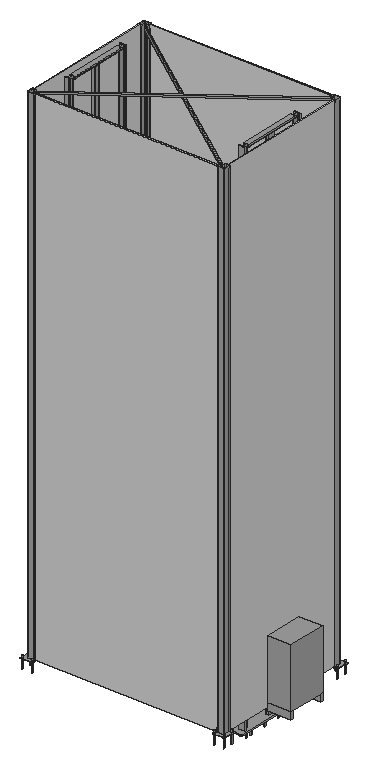
Revit family "1SE_Trez_TC_2C_T_3000_With_Pit", category Specialty Equipment, Revit 2019
Family settings
  Round Connector Dimension = Use Diameter
  Part Type = Normal
  Work Plane-Based = No
  Always vertical = Yes
  Cut with Voids When Loaded = Yes
  Shared = No
  Room Calculation Point = No
Parameters (values of type "Platform-2000x2000mm with Door Height 2500mm")
  Safe Working Load = 3000.00 kg  # constant formula
  Safe Space = if(Cabin or Platform = Cabin, 900.0 mm, if(and(Cabin or Platform = Platform, Door Clear Height > 1900.0 mm), 600.0 mm, 0.0 mm))  # 600.0 mm
  Platform = Speciality_Equipment_Trez_Platform : Platform
  Door Clear Width = Clear Width  # 2000.0 mm
  Door Clear Height = 2500.0 mm
  Clear Width = 2000.0 mm
  URL = "https://trez.bg/en/products/goods-only-lift-tc/tc-2ct-two-cylinders-and-tower/"
  Tower Width = Real Width + 2 * Clearance  # 2950.0 mm
  Tower Depth = Real Depth + 180.0 mm  # 2180.0 mm
  Tower Cladding Material = TREZ_Steel_Cladding
  Real Width = if(Clear Width < 1300.0 mm, 1300.0 mm, if(Clear Width > 2000.0 mm, 2000.0 mm, Clear Width))  # 2000.0 mm
  Real Depth = if(Clear Depth < 1300.0 mm, 1300.0 mm, if(Clear Depth > 2000.0 mm, 2000.0 mm, Clear Depth))  # 2000.0 mm
  Profiles Material = TREZ_Steel_Profiles
  Platform Material = TREZ_Steel_Platform
  Pit Height = 250.0 mm  # constant formula
  Travel = 4500.0 mm
  Rail Height = Travel + Pit Height + Headroom  # 7850.0 mm
  Model = "TC 2C T 3000"
  Manufacturer = "TREZ Ltd."
  Headroom = Door Clear Height + Safe Space  # 3100.0 mm
  Description = "Trez Compact 2 Cylinders Tower. Goods only lift."  # constant formula
  Clear Depth = 2000.0 mm
  Created By URL = "https://all1studio.com/"
  Created By = "All 1 Studio Ltd."
  Clearance = 475.0 mm  # constant formula
  Cabin or Platform Back = yes
  Cabin or Platform = Speciality_Equipment_Trez_Platform : Platform
  Cabin = Speciality_Equipment_Trez_Cabin : Cabin
Reference planes
  plane 1 "Center (Front/Back)": y = 0
  plane 2: z = 0
  plane 3 "Center (Left/Right)": x = 0
  plane 4: x = -1000
  plane 5: x = 1000
  plane 6: y = 1000
  plane 7: y = -1000
  plane 8: x = 1475
  plane 9: y = 1110
  plane 10: x = -1475
  plane 11: y = -1070
  plane 12: x = 1420
  plane 13: x = -1420
  plane 14: y = 1055
  plane 15: y = -1015
  plane 16: z = 4500
  plane 17 "Top of Lift": z = 7600
  plane 18 "Pit": z = -250
  plane 19: x = -1428.5
  plane 20: x = 1428.5
  plane 21: x = 1685
  plane 22: x = -1459.032
  plane 23: x = -1441.032
  plane 24: y = 1094
  plane 25: y = 1076
  plane 26: x = 1459
  plane 27: x = 1441
  plane 28: y = -1054
  plane 29: y = -1036
  plane 30: x = -1535
  plane 31: y = 1170
  plane 32: x = 1535
  plane 33: y = -1130
  plane 34: x = -1288.5
  plane 35: x = 1288.5
  plane 36: z = 7540
  plane 37: z = 40
  plane 38: z = -145
Forms (mm)
  Extrusion 1, solid, material "TREZ_Steel_Cladding" <- "Tower Cladding Material", detail levels coarse+medium
    sketch origin (0, 0, 0) x (1, 0, 0) y (0, 1, 0)
      loop
        line (-1475, 1110) -> (-1475, 1005) -> (-1459.032, 1005) -> (-1459.032, -965) -> (-1475, -965) -> (-1475, -1070) -> (-1370, -1070) -> (-1370, -1054) -> (1370, -1054) -> (1370, -1070) -> (1475, -1070) -> (1475, -965) -> (1459, -965) -> (1459, 1005) -> (1475, 1005) -> (1475, 1110) -> (1370, 1110) -> (1370, 1094) -> (-1370, 1094) -> (-1370, 1110) -> (-1475, 1110)
      loop
        line (-1420, 1055) -> (-1420, 1005) -> (-1441.032, 1005) -> (-1441.032, -965) -> (-1420, -965) -> (-1420, -1015) -> (-1370, -1015) -> (-1370, -1036) -> (1370, -1036) -> (1370, -1015) -> (1420, -1015) -> (1420, -965) -> (1441, -965) -> (1441, 1005) -> (1420, 1005) -> (1420, 1055) -> (1370, 1055) -> (1370, 1076) -> (-1370, 1076) -> (-1370, 1055) -> (-1420, 1055)
    from 0 to 7600
  Extrusion 2, void
    sketch origin (0, 0, 0) x (1, 0, 0) y (0, 1, 0)
      loop
        line (-1428.5, 1055) -> (-1428.5, -1015) -> (1428.5, -1015) -> (1428.5, 1055) -> (-1428.5, 1055)
    from 0 to -250
  Extrusion 3, solid, material "TREZ_Steel_Profiles" <- "Profiles Material", detail levels fine
    sketch origin (0, 0, 0) x (1, 0, 0) y (0, 1, 0)
      loop
        line (-1475, 1103) -> (-1475, 1012)
        arc (-1475, 1012) -> (-1472.95, 1007.05) -> (-1468, 1005) r 7
        line (-1468, 1005) -> (-1427, 1005)
        arc (-1427, 1005) -> (-1422.05, 1007.05) -> (-1420, 1012) r 7
        line (-1420, 1012) -> (-1420, 1048)
        arc (-1420, 1048) -> (-1417.95, 1052.95) -> (-1413, 1055) r 7
        line (-1413, 1055) -> (-1377, 1055)
        arc (-1377, 1055) -> (-1372.05, 1057.05) -> (-1370, 1062) r 7
        line (-1370, 1062) -> (-1370, 1103)
        arc (-1370, 1103) -> (-1372.05, 1107.95) -> (-1377, 1110) r 7
        line (-1377, 1110) -> (-1468, 1110)
        arc (-1468, 1110) -> (-1472.95, 1107.95) -> (-1475, 1103) r 7
      loop
        line (1468, 1110) -> (1377, 1110)
        arc (1377, 1110) -> (1372.05, 1107.95) -> (1370, 1103) r 7
        line (1370, 1103) -> (1370, 1062)
        arc (1370, 1062) -> (1372.05, 1057.05) -> (1377, 1055) r 7
        line (1377, 1055) -> (1413, 1055)
        arc (1413, 1055) -> (1417.95, 1052.95) -> (1420, 1048) r 7
        line (1420, 1048) -> (1420, 1012)
        arc (1420, 1012) -> (1422.05, 1007.05) -> (1427, 1005) r 7
        line (1427, 1005) -> (1468, 1005)
        arc (1468, 1005) -> (1472.95, 1007.05) -> (1475, 1012) r 7
        line (1475, 1012) -> (1475, 1103)
        arc (1475, 1103) -> (1472.95, 1107.95) -> (1468, 1110) r 7
      loop
        arc (-1475, -1063) -> (-1472.95, -1067.95) -> (-1468, -1070) r 7
        line (-1468, -1070) -> (-1377, -1070)
        arc (-1377, -1070) -> (-1372.05, -1067.95) -> (-1370, -1063) r 7
        line (-1370, -1063) -> (-1370, -1022)
        arc (-1370, -1022) -> (-1372.05, -1017.05) -> (-1377, -1015) r 7
        line (-1377, -1015) -> (-1413, -1015)
        arc (-1413, -1015) -> (-1417.95, -1012.95) -> (-1420, -1008) r 7
        line (-1420, -1008) -> (-1420, -972)
        arc (-1420, -972) -> (-1422.05, -967.05) -> (-1427, -965) r 7
        line (-1427, -965) -> (-1468, -965)
        arc (-1468, -965) -> (-1472.95, -967.05) -> (-1475, -972) r 7
        line (-1475, -972) -> (-1475, -1063)
      loop
        arc (1468, -1070) -> (1472.95, -1067.95) -> (1475, -1063) r 7
        line (1475, -1063) -> (1475, -972)
        arc (1475, -972) -> (1472.95, -967.05) -> (1468, -965) r 7
        line (1468, -965) -> (1427, -965)
        arc (1427, -965) -> (1422.05, -967.05) -> (1420, -972) r 7
        line (1420, -972) -> (1420, -1008)
        arc (1420, -1008) -> (1417.95, -1012.95) -> (1413, -1015) r 7
        line (1413, -1015) -> (1377, -1015)
        arc (1377, -1015) -> (1372.05, -1017.05) -> (1370, -1022) r 7
        line (1370, -1022) -> (1370, -1063)
        arc (1370, -1063) -> (1372.05, -1067.95) -> (1377, -1070) r 7
        line (1377, -1070) -> (1468, -1070)
      loop
        arc (-1373, 1103) -> (-1374.172, 1105.828) -> (-1377, 1107) r 4
        line (-1377, 1107) -> (-1468, 1107)
        arc (-1468, 1107) -> (-1470.828, 1105.828) -> (-1472, 1103) r 4
        line (-1472, 1103) -> (-1472, 1012)
        arc (-1472, 1012) -> (-1470.828, 1009.172) -> (-1468, 1008) r 4
        line (-1468, 1008) -> (-1427, 1008)
        arc (-1427, 1008) -> (-1424.172, 1009.172) -> (-1423, 1012) r 4
        line (-1423, 1012) -> (-1423, 1048)
        arc (-1423, 1048) -> (-1420.071, 1055.071) -> (-1413, 1058) r 10
        line (-1413, 1058) -> (-1377, 1058)
        arc (-1377, 1058) -> (-1374.172, 1059.172) -> (-1373, 1062) r 4
        line (-1373, 1062) -> (-1373, 1103)
      loop
        line (-1373, -1063) -> (-1373, -1022)
        arc (-1373, -1022) -> (-1374.172, -1019.172) -> (-1377, -1018) r 4
        line (-1377, -1018) -> (-1413, -1018)
        arc (-1413, -1018) -> (-1420.071, -1015.071) -> (-1423, -1008) r 10
        line (-1423, -1008) -> (-1423, -972)
        arc (-1423, -972) -> (-1424.172, -969.172) -> (-1427, -968) r 4
        line (-1427, -968) -> (-1468, -968)
        arc (-1468, -968) -> (-1470.828, -969.172) -> (-1472, -972) r 4
        line (-1472, -972) -> (-1472, -1063)
        arc (-1472, -1063) -> (-1470.828, -1065.828) -> (-1468, -1067) r 4
        line (-1468, -1067) -> (-1377, -1067)
        arc (-1377, -1067) -> (-1374.172, -1065.828) -> (-1373, -1063) r 4
      loop
        line (1472, -1063) -> (1472, -972)
        arc (1472, -972) -> (1470.828, -969.172) -> (1468, -968) r 4
        line (1468, -968) -> (1427, -968)
        arc (1427, -968) -> (1424.172, -969.172) -> (1423, -972) r 4
        line (1423, -972) -> (1423, -1008)
        arc (1423, -1008) -> (1420.071, -1015.071) -> (1413, -1018) r 10
        line (1413, -1018) -> (1377, -1018)
        arc (1377, -1018) -> (1374.172, -1019.172) -> (1373, -1022) r 4
        line (1373, -1022) -> (1373, -1063)
        arc (1373, -1063) -> (1374.172, -1065.828) -> (1377, -1067) r 4
        line (1377, -1067) -> (1468, -1067)
        arc (1468, -1067) -> (1470.828, -1065.828) -> (1472, -1063) r 4
      loop
        arc (1472, 1103) -> (1470.828, 1105.828) -> (1468, 1107) r 4
        line (1468, 1107) -> (1377, 1107)
        arc (1377, 1107) -> (1374.172, 1105.828) -> (1373, 1103) r 4
        line (1373, 1103) -> (1373, 1062)
        arc (1373, 1062) -> (1374.172, 1059.172) -> (1377, 1058) r 4
        line (1377, 1058) -> (1413, 1058)
        arc (1413, 1058) -> (1420.071, 1055.071) -> (1423, 1048) r 10
        line (1423, 1048) -> (1423, 1012)
        arc (1423, 1012) -> (1424.172, 1009.172) -> (1427, 1008) r 4
        line (1427, 1008) -> (1468, 1008)
        arc (1468, 1008) -> (1470.828, 1009.172) -> (1472, 1012) r 4
        line (1472, 1012) -> (1472, 1103)
    from 5 to 7600
  Extrusion 4, solid, material "TREZ_Steel_Cladding" <- "Tower Cladding Material", detail levels fine
    sketch origin (0, 0, 0) x (1, 0, 0) y (0, 1, 0)
      loop
        line (1459, 1005) -> (1441, 1005) -> (1441, -965) -> (1459, -965) -> (1459, 1005)
      loop
        line (1370, 1094) -> (-1370, 1094) -> (-1370, 1076) -> (1370, 1076) -> (1370, 1094)
      loop
        line (1370, -1036) -> (-1370, -1036) -> (-1370, -1054) -> (1370, -1054) -> (1370, -1036)
      loop
        line (-1441.032, -965) -> (-1441.032, 1005) -> (-1459.032, 1005) -> (-1459.032, -965) -> (-1441.032, -965)
    from 0 to 7600
  Extrusion 5, solid, material "TREZ_Steel_Profiles" <- "Profiles Material", detail levels fine
    sketch origin (0, 0, 0) x (1, 0, 0) y (0, 1, 0)
      loop
        arc (1357, 1170) -> (1352.05, 1167.95) -> (1350, 1163) r 7
        line (1350, 1163) -> (1350, 1110) -> (1370, 1110) -> (1370, 1055) -> (1420, 1055) -> (1420, 1005) -> (1475, 1005) -> (1475, 985) -> (1528, 985)
        arc (1528, 985) -> (1532.95, 987.05) -> (1535, 992) r 7
        line (1535, 992) -> (1535, 1163)
        arc (1535, 1163) -> (1532.95, 1167.95) -> (1528, 1170) r 7
        line (1528, 1170) -> (1357, 1170)
      loop
        line (-1357, 1170) -> (-1528, 1170)
        arc (-1528, 1170) -> (-1532.95, 1167.95) -> (-1535, 1163) r 7
        line (-1535, 1163) -> (-1535, 992)
        arc (-1535, 992) -> (-1532.95, 987.05) -> (-1528, 985) r 7
        line (-1528, 985) -> (-1475, 985) -> (-1475, 1005) -> (-1420, 1005) -> (-1420, 1055) -> (-1370, 1055) -> (-1370, 1110) -> (-1350, 1110) -> (-1350, 1163)
        arc (-1350, 1163) -> (-1352.05, 1167.95) -> (-1357, 1170) r 7
      loop
        line (1357, -1130) -> (1528, -1130)
        arc (1528, -1130) -> (1532.95, -1127.95) -> (1535, -1123) r 7
        line (1535, -1123) -> (1535, -952)
        arc (1535, -952) -> (1532.95, -947.05) -> (1528, -945) r 7
        line (1528, -945) -> (1475, -945) -> (1475, -965) -> (1420, -965) -> (1420, -1015) -> (1370, -1015) -> (1370, -1070) -> (1350, -1070) -> (1350, -1123)
        arc (1350, -1123) -> (1352.05, -1127.95) -> (1357, -1130) r 7
      loop
        arc (-1357, -1130) -> (-1352.05, -1127.95) -> (-1350, -1123) r 7
        line (-1350, -1123) -> (-1350, -1070) -> (-1370, -1070) -> (-1370, -1015) -> (-1420, -1015) -> (-1420, -965) -> (-1475, -965) -> (-1475, -945) -> (-1528, -945)
        arc (-1528, -945) -> (-1532.95, -947.05) -> (-1535, -952) r 7
        line (-1535, -952) -> (-1535, -1123)
        arc (-1535, -1123) -> (-1532.95, -1127.95) -> (-1528, -1130) r 7
        line (-1528, -1130) -> (-1357, -1130)
    from 5 to 0
  Sweep 6, solid, material "TREZ_Steel_Profiles" <- "Profiles Material", detail levels fine
    path origin (0, 0, 7600) x (-1, 0, 0) y (0, -1, 0)
      loop
        line (1420, 1015) -> (-1420, -1055)
    profile origin (0, 20, 7600) x (-0.589017, 0.80812, 0) y (0, 0, 1)
      loop
        line (15, 0) -> (-15, 0) -> (-15, -30) -> (15, -30) -> (15, 0)
  Sweep 7, solid, material "TREZ_Steel_Profiles" <- "Profiles Material", detail levels fine
    path origin (0, 0, 7600) x (-1, 0, 0) y (0, -1, 0)
      loop
        line (1420, -1055) -> (-1420, 1015)
    profile origin (0, 20, 7600) x (0.589017, 0.80812, 0) y (0, 0, 1)
      loop
        line (-15, -60) -> (15, -60) -> (15, -30) -> (-15, -30) -> (-15, -60)
  Extrusion 8, void
    sketch origin (0, 0, 7600) x (-1, 0, 0) y (0, -1, 0)
      loop
        arc (1427, -1005) -> (1422.05, -1007.05) -> (1420, -1012) r 7
        line (1420, -1012) -> (1420, -1048)
        arc (1420, -1048) -> (1417.95, -1052.95) -> (1413, -1055) r 7
        line (1413, -1055) -> (1377, -1055)
        arc (1377, -1055) -> (1372.05, -1057.05) -> (1370, -1062) r 7
        line (1370, -1062) -> (1370, -1103)
        arc (1370, -1103) -> (1372.05, -1107.95) -> (1377, -1110) r 7
        line (1377, -1110) -> (1468, -1110)
        arc (1468, -1110) -> (1472.95, -1107.95) -> (1475, -1103) r 7
        line (1475, -1103) -> (1475, -1012)
        arc (1475, -1012) -> (1472.95, -1007.05) -> (1468, -1005) r 7
        line (1468, -1005) -> (1427, -1005)
      loop
        arc (-1370, -1062) -> (-1372.05, -1057.05) -> (-1377, -1055) r 7
        line (-1377, -1055) -> (-1413, -1055)
        arc (-1413, -1055) -> (-1417.95, -1052.95) -> (-1420, -1048) r 7
        line (-1420, -1048) -> (-1420, -1012)
        arc (-1420, -1012) -> (-1422.05, -1007.05) -> (-1427, -1005) r 7
        line (-1427, -1005) -> (-1468, -1005)
        arc (-1468, -1005) -> (-1472.95, -1007.05) -> (-1475, -1012) r 7
        line (-1475, -1012) -> (-1475, -1103)
        arc (-1475, -1103) -> (-1472.95, -1107.95) -> (-1468, -1110) r 7
        line (-1468, -1110) -> (-1377, -1110)
        arc (-1377, -1110) -> (-1372.05, -1107.95) -> (-1370, -1103) r 7
        line (-1370, -1103) -> (-1370, -1062)
      loop
        arc (-1427, 965) -> (-1422.05, 967.05) -> (-1420, 972) r 7
        line (-1420, 972) -> (-1420, 1008)
        arc (-1420, 1008) -> (-1417.95, 1012.95) -> (-1413, 1015) r 7
        line (-1413, 1015) -> (-1377, 1015)
        arc (-1377, 1015) -> (-1372.05, 1017.05) -> (-1370, 1022) r 7
        line (-1370, 1022) -> (-1370, 1063)
        arc (-1370, 1063) -> (-1372.05, 1067.95) -> (-1377, 1070) r 7
        line (-1377, 1070) -> (-1468, 1070)
        arc (-1468, 1070) -> (-1472.95, 1067.95) -> (-1475, 1063) r 7
        line (-1475, 1063) -> (-1475, 972)
        arc (-1475, 972) -> (-1472.95, 967.05) -> (-1468, 965) r 7
        line (-1468, 965) -> (-1427, 965)
      loop
        arc (1420, 972) -> (1422.05, 967.05) -> (1427, 965) r 7
        line (1427, 965) -> (1468, 965)
        arc (1468, 965) -> (1472.95, 967.05) -> (1475, 972) r 7
        line (1475, 972) -> (1475, 1063)
        arc (1475, 1063) -> (1472.95, 1067.95) -> (1468, 1070) r 7
        line (1468, 1070) -> (1377, 1070)
        arc (1377, 1070) -> (1372.05, 1067.95) -> (1370, 1063) r 7
        line (1370, 1063) -> (1370, 1022)
        arc (1370, 1022) -> (1372.05, 1017.05) -> (1377, 1015) r 7
        line (1377, 1015) -> (1413, 1015)
        arc (1413, 1015) -> (1417.95, 1012.95) -> (1420, 1008) r 7
        line (1420, 1008) -> (1420, 972)
    from -60 to 0
  Extrusion 9, solid, material "TREZ_Steel_Profiles" <- "Profiles Material", detail levels fine
    sketch origin (0, 0, 0) x (1, 0, 0) y (0, 1, 0)
      loop
        circle (-1510.697, 1154.303) r 6
      loop
        circle (-1365.697, 1154.303) r 6
      loop
        circle (-1510.697, 1009.303) r 6
      loop
        circle (1510.697, 1154.303) r 6
      loop
        circle (1365.697, 1154.303) r 6
      loop
        circle (1510.697, 1009.303) r 6
      loop
        circle (-1510.697, -1114.303) r 6
      loop
        circle (-1365.697, -1114.303) r 6
      loop
        circle (-1510.697, -969.303) r 6
      loop
        circle (1510.697, -1114.303) r 6
      loop
        circle (1365.697, -1114.303) r 6
      loop
        circle (1510.697, -969.303) r 6
    from -145 to 40
Cuts and joins
  Extrusion 2 cuts Extrusion 1
  Extrusion 8 cuts Sweep 6
  Extrusion 8 cuts Sweep 7
  joined: Extrusion 5, Extrusion 9
Lines and regions (mm)
  symbolic lines, style "Profiles"
    curve 1: line (-1475, 1110, 0) -> (-1370, 1110, 0)
    curve 2: line (-1370, 1110, 0) -> (-1370, 1055, 0)
    curve 3: line (-1370, 1055, 0) -> (-1420, 1055, 0)
    curve 4: line (-1420, 1055, 0) -> (-1420, 1005, 0)
    curve 5: line (-1420, 1005, 0) -> (-1475, 1005, 0)
    curve 6: line (-1475, 1005, 0) -> (-1475, 1110, 0)
    curve 7: line (1370, 1110, 0) -> (1475, 1110, 0)
    curve 8: line (1475, 1110, 0) -> (1475, 1005, 0)
    curve 9: line (1475, 1005, 0) -> (1420, 1005, 0)
    curve 10: line (1420, 1005, 0) -> (1420, 1055, 0)
    curve 11: line (1420, 1055, 0) -> (1370, 1055, 0)
    curve 12: line (1370, 1055, 0) -> (1370, 1110, 0)
    curve 13: line (-1475, -965, 0) -> (-1420, -965, 0)
    curve 14: line (-1420, -965, 0) -> (-1420, -1015, 0)
    curve 15: line (-1420, -1015, 0) -> (-1370, -1015, 0)
    curve 16: line (-1370, -1015, 0) -> (-1370, -1070, 0)
    curve 17: line (-1370, -1070, 0) -> (-1475, -1070, 0)
    curve 18: line (-1475, -1070, 0) -> (-1475, -965, 0)
    curve 19: line (1370, -1015, 0) -> (1420, -1015, 0)
    curve 20: line (1420, -1015, 0) -> (1420, -965, 0)
    curve 21: line (1420, -965, 0) -> (1475, -965, 0)
    curve 22: line (1475, -965, 0) -> (1475, -1070, 0)
    curve 23: line (1475, -1070, 0) -> (1370, -1070, 0)
    curve 24: line (1370, -1015, 0) -> (1370, -1070, 0)
    curve 25: line (1459, 1005, 0) -> (1441, 1005, 0)
    curve 26: line (1459, -965, 0) -> (1459, 1005, 0)
    curve 27: line (1441, -965, 0) -> (1459, -965, 0)
    curve 28: line (1441, 1005, 0) -> (1441, -965, 0)
    curve 29: line (1370, -1036, 0) -> (-1370, -1036, 0)
    curve 30: line (1370, -1054, 0) -> (1370, -1036, 0)
    curve 31: line (-1370, -1054, 0) -> (1370, -1054, 0)
    curve 32: line (-1370, -1036, 0) -> (-1370, -1054, 0)
    curve 33: line (-1441.032, -965, 0) -> (-1459.032, -965, 0)
    curve 34: line (-1441.032, 1005, 0) -> (-1441.032, -965, 0)
    curve 35: line (-1459.032, 1005, 0) -> (-1441.032, 1005, 0)
    curve 36: line (-1459.032, -965, 0) -> (-1459.032, 1005, 0)
    curve 37: line (-1370, 1076, 0) -> (1370, 1076, 0)
    curve 38: line (-1370, 1094, 0) -> (-1370, 1076, 0)
    curve 39: line (1370, 1094, 0) -> (-1370, 1094, 0)
    curve 40: line (1370, 1076, 0) -> (1370, 1094, 0)
  symbolic lines, style "Platform"
    curve 41: line (-1000, 1000, 0) -> (1000, 1000, 0)
    curve 42: line (-1000, -1000, 0) -> (-1000, 1000, 0)
    curve 43: line (1000, -1000, 0) -> (-1000, -1000, 0)
    curve 44: line (1000, 1000, 0) -> (1000, -1000, 0)
    curve 45: line (-1000, 1000, 0) -> (1000, -1000, 0)
    curve 46: line (1000, 1000, 0) -> (-1000, -1000, 0)
  model lines, style "Profiles", detail levels coarse+medium
    curve 47: line (-1420, 1055, 7600) -> (1420, -1015, 7600)
    curve 48: line (1420, 1055, 7600) -> (-1420, -1015, 7600)
Dimensions and locks
  equal spacing: plane 4, plane 3 "Center (Left/Right)", plane 5
  "Real Width": plane 4 to plane 5
  equal spacing: plane 7, plane 1 "Center (Front/Back)", plane 6
  "Real Depth": plane 7 to plane 6
  locked: plane 6 to plane 9 at 110
  locked: plane 7 to plane 11 at 70
  locked: plane 12 to plane 8 at 55
  locked: plane 10 to plane 13 at 55
  locked: plane 14 to plane 9 at 55
  locked: plane 15 to plane 11 at 55
  "Travel": plane 16 to level
  "Pit Height": level to plane 18 "Pit"
  "Clearance": plane 5 to plane 8
  "Clearance": plane 10 to plane 4
  locked: plane 8 to plane 21 at 210
  locked: plane 10 to plane 19 at 46.5
  locked: plane 20 to plane 8 at 46.5
  plane 10 to plane 22 to plane 23 = 15.968 mm locked, 18.0 mm locked
  plane 25 to plane 24 to plane 9 = 18.0 mm locked, 16.0 mm locked
  plane 27 to plane 26 to plane 8 = 18.0 mm locked, 16.0 mm locked
  plane 29 to plane 28 to plane 11 = 18.0 mm locked, 16.0 mm locked
  locked: plane 30 to plane 10 at 60
  locked: plane 9 to plane 31 at 60
  locked: plane 8 to plane 32 at 60
  locked: plane 11 to plane 33 at 60
  locked: plane 10 to plane 34 at 186.5
  locked: plane 35 to plane 8 at 186.5
  "Headroom": plane 17 "Top of Lift" to plane 16
  locked: plane 17 "Top of Lift" to plane 36 at 60
  locked: plane 37 to level at 40
  locked: level to plane 38 at 145
  aligned and locked: level to plane 2
  aligned and locked: plane 9 to Extrusion 1 sketch curve
  aligned and locked: plane 10 to Extrusion 1 sketch curve
  aligned and locked: plane 11 to Extrusion 1 sketch curve
  aligned and locked: plane 8 to Extrusion 1 sketch curve
  aligned and locked: plane 14 to Extrusion 1 sketch curve
  aligned and locked: plane 13 to Extrusion 1 sketch curve
  aligned and locked: plane 15 to Extrusion 1 sketch curve
  aligned and locked: plane 12 to Extrusion 1 sketch curve
  aligned and locked: plane 17 "Top of Lift" to Extrusion 1
  aligned and locked: plane 20 to Extrusion 2 sketch curve
  aligned and locked: plane 15 to Extrusion 2 sketch curve
  aligned and locked: plane 14 to Extrusion 2 sketch curve
  aligned and locked: plane 19 to Extrusion 2 sketch curve
  aligned and locked: Extrusion 2 to plane 18 "Pit"
  aligned and locked: plane 1 "Center (Front/Back)" to nested 1
  aligned and locked: plane 3 "Center (Left/Right)" to nested 1
  aligned and locked: nested 2 to plane 21
  aligned and locked: Extrusion 3 sketch curve to plane 10
  aligned and locked: Extrusion 3 sketch curve to plane 9  (x2)
  aligned and locked: Extrusion 3 sketch curve to plane 13
  aligned and locked: Extrusion 3 sketch curve to plane 14  (x2)
  aligned and locked: plane 8 to Extrusion 3 sketch curve
  aligned and locked: plane 17 "Top of Lift" to Extrusion 3
  aligned and locked: Extrusion 4 sketch curve to Extrusion 3  (x6)
  aligned and locked: Extrusion 4 sketch curve to plane 26
  aligned and locked: plane 27 to Extrusion 4 sketch curve
  aligned and locked: Extrusion 4 sketch curve to plane 24
  aligned and locked: plane 25 to Extrusion 4 sketch curve
  aligned and locked: plane 29 to Extrusion 4 sketch curve
  aligned and locked: Extrusion 4 sketch curve to plane 28
  aligned and locked: Extrusion 3 to Extrusion 4 sketch curve  (x2)
  aligned and locked: Extrusion 4 sketch curve to plane 23
  aligned and locked: plane 22 to Extrusion 4 sketch curve
  aligned and locked: plane 17 "Top of Lift" to Extrusion 4
  aligned and locked: plane 34 to nested 3
  aligned and locked: nested 4 to plane 35
  aligned and locked: nested 3 to plane 18 "Pit"
  aligned and locked: plane 18 "Pit" to nested 4
  aligned and locked: plane 1 "Center (Front/Back)" to nested 3
  aligned and locked: nested 4 to plane 1 "Center (Front/Back)"
  aligned and locked: plane 14 to Sweep 6 sketch curve
  aligned and locked: plane 12 to Sweep 6 sketch curve
  aligned and locked: plane 13 to Sweep 6 sketch curve
  aligned and locked: plane 15 to Sweep 6 sketch curve
  aligned and locked: plane 12 to Sweep 7 sketch curve
  aligned and locked: plane 15 to Sweep 7 sketch curve
  aligned and locked: plane 14 to Sweep 7 sketch curve
  aligned and locked: plane 13 to Sweep 7 sketch curve
  aligned and locked: plane 36 to Extrusion 8
  aligned and locked: plane 17 "Top of Lift" to Extrusion 8
  aligned and locked: Extrusion 9 to plane 38
  aligned and locked: plane 37 to Extrusion 9
  aligned and locked: plane 16 to nested 1
Automatic sketch dimensions
  Extrusion 1 sketch curve to plane 10 = 0.0 mm
  Extrusion 1 sketch curve to plane 22 = 0.0 mm
  Extrusion 1 sketch curve to plane 23 = 0.0 mm
  Extrusion 1 sketch curve to plane 13 = 0.0 mm
  Extrusion 1 sketch curve to plane 29 = 0.0 mm
  Extrusion 1 sketch curve to plane 15 = 0.0 mm
  Extrusion 1 sketch curve to plane 28 = 0.0 mm
  Extrusion 1 sketch curve to plane 11 = 0.0 mm
  plane 25 to Extrusion 1 sketch curve = 0.0 mm
  plane 24 to Extrusion 1 sketch curve = 0.0 mm
  plane 9 to Extrusion 1 sketch curve = 0.0 mm
  plane 14 to Extrusion 1 sketch curve = 0.0 mm
  Extrusion 1 sketch curve to plane 12 = 0.0 mm
  Extrusion 1 sketch curve to plane 27 = 0.0 mm
  Extrusion 1 sketch curve to plane 26 = 0.0 mm
  Extrusion 1 sketch curve to plane 8 = 0.0 mm
  plane 13 to Extrusion 1 sketch curve = 50.0 mm  (x2)
  Extrusion 1 sketch curve to Extrusion 1 sketch curve = 0.0 mm  (x5)
  plane 12 to Extrusion 1 sketch curve = 50.0 mm  (x2)
  plane 7 to Extrusion 1 sketch curve = 35.0 mm  (x3)
  Extrusion 1 sketch curve to plane 6 = 5.0 mm  (x4)
  Extrusion 3 sketch curve to Extrusion 3 sketch curve = 0.0 mm  (x48)
  Extrusion 3 sketch curve to plane 10 = 0.0 mm
  Extrusion 3 sketch curve to plane 11 = 0.0 mm  (x2)
  Extrusion 3 sketch curve to plane 13 = 0.0 mm
  Extrusion 3 sketch curve to plane 15 = 0.0 mm  (x2)
  Extrusion 3 sketch curve to plane 12 = 0.0 mm  (x2)
  Extrusion 3 sketch curve to plane 8 = 0.0 mm
  Extrusion 3 sketch curve to Extrusion 3 sketch curve = 3.0 mm  (x4)
  Extrusion 3 sketch curve to Extrusion 3 sketch curve = 4.0 mm  (x9)
  plane 10 to Extrusion 3 sketch curve = 7.0 mm
  plane 19 to Extrusion 3 sketch curve = 1.5 mm  (x2)
  plane 13 to Extrusion 3 sketch curve = 7.0 mm  (x2)
  Extrusion 3 sketch curve to plane 15 = 7.0 mm  (x2)
  Extrusion 3 sketch curve to Extrusion 3 sketch curve = 36.0 mm  (x2)
  Extrusion 3 sketch curve to plane 14 = 7.0 mm
  plane 9 to Extrusion 3 sketch curve = 7.0 mm
  plane 12 to Extrusion 3 sketch curve = 50.0 mm  (x2)
  Extrusion 3 sketch curve to Extrusion 3 sketch curve = 7.0 mm
  plane 12 to Extrusion 3 sketch curve = 7.0 mm
  plane 20 to Extrusion 3 sketch curve = 1.5 mm  (x2)
  plane 8 to Extrusion 3 sketch curve = 7.0 mm  (x2)
  Extrusion 3 sketch curve to plane 6 = 5.0 mm  (x2)
  plane 7 to Extrusion 3 sketch curve = 28.0 mm  (x2)
  Extrusion 5 sketch curve to plane 30 = 0.0 mm  (x2)
  plane 31 to Extrusion 5 sketch curve = 0.0 mm  (x2)
  Extrusion 5 sketch curve to plane 33 = 0.0 mm  (x2)
  Extrusion 5 sketch curve to plane 10 = 0.0 mm  (x2)
  Extrusion 5 sketch curve to plane 13 = 0.0 mm  (x2)
  plane 9 to Extrusion 5 sketch curve = 0.0 mm  (x2)
  Extrusion 5 sketch curve to plane 11 = 0.0 mm  (x2)
  Extrusion 5 sketch curve to plane 15 = 0.0 mm  (x2)
  plane 14 to Extrusion 5 sketch curve = 0.0 mm  (x2)
  Extrusion 5 sketch curve to plane 12 = 0.0 mm  (x2)
  Extrusion 5 sketch curve to plane 8 = 0.0 mm  (x2)
  Extrusion 5 sketch curve to plane 32 = 0.0 mm  (x2)
  plane 30 to Extrusion 5 sketch curve = 7.0 mm  (x4)
  plane 13 to Extrusion 5 sketch curve = 50.0 mm  (x2)
  Extrusion 5 sketch curve to Extrusion 5 sketch curve = 13.0 mm  (x2)
  plane 31 to Extrusion 5 sketch curve = 7.0 mm
  Extrusion 5 sketch curve to Extrusion 5 sketch curve = 20.0 mm  (x2)
  Extrusion 5 sketch curve to plane 35 = 61.5 mm  (x2)
  Extrusion 5 sketch curve to Extrusion 5 sketch curve = 7.0 mm  (x3)
  Extrusion 5 sketch curve to Extrusion 5 sketch curve = 50.0 mm
  plane 32 to Extrusion 5 sketch curve = 7.0 mm  (x3)
  plane 7 to Extrusion 5 sketch curve = 35.0 mm  (x2)
  plane 7 to Extrusion 5 sketch curve = 48.0 mm  (x2)
  plane 6 to Extrusion 5 sketch curve = 15.0 mm  (x2)
  Extrusion 5 sketch curve to plane 6 = 5.0 mm  (x2)
  profile plane to Sweep 6 sketch curve = 15.0 mm
  Sweep 6 sketch curve to Sweep 6 sketch curve = 30.0 mm
  Sweep 6 sketch curve to profile plane = 15.0 mm
  plane 17 "Top of Lift" to Sweep 6 sketch curve = 0.0 mm
  profile plane to Sweep 7 sketch curve = 15.0 mm
  Sweep 7 sketch curve to profile plane = 15.0 mm
  Sweep 7 sketch curve to plane 17 "Top of Lift" = 60.0 mm
  Sweep 7 sketch curve to Sweep 7 sketch curve = 30.0 mm
  plane 9 to Extrusion 8 sketch curve = 0.0 mm  (x2)
  plane 14 to Extrusion 8 sketch curve = 0.0 mm  (x2)
  Extrusion 8 sketch curve to plane 13 = 0.0 mm  (x2)
  Extrusion 8 sketch curve to plane 10 = 0.0 mm  (x2)
  Extrusion 8 sketch curve to Extrusion 8 sketch curve = 7.0 mm  (x9)
  plane 13 to Extrusion 8 sketch curve = 43.0 mm
  Extrusion 8 sketch curve to Extrusion 8 sketch curve = 36.0 mm  (x2)
  plane 19 to Extrusion 8 sketch curve = 1.5 mm  (x2)
  plane 10 to Extrusion 8 sketch curve = 7.0 mm
  Extrusion 8 sketch curve to plane 6 = 12.0 mm
  Extrusion 8 sketch curve to plane 8 = 0.0 mm  (x2)
  Extrusion 8 sketch curve to plane 12 = 0.0 mm  (x2)
  Extrusion 8 sketch curve to plane 6 = 5.0 mm
  plane 8 to Extrusion 8 sketch curve = 7.0 mm  (x3)
  plane 20 to Extrusion 8 sketch curve = 1.5 mm  (x2)
  Extrusion 8 sketch curve to plane 14 = 7.0 mm
  Extrusion 8 sketch curve to plane 11 = 0.0 mm  (x2)
  Extrusion 8 sketch curve to plane 15 = 0.0 mm  (x2)
  plane 12 to Extrusion 8 sketch curve = 7.0 mm
  plane 11 to Extrusion 8 sketch curve = 7.0 mm  (x2)
  plane 12 to Extrusion 8 sketch curve = 43.0 mm
  Extrusion 8 sketch curve to plane 15 = 7.0 mm
  plane 7 to Extrusion 8 sketch curve = 35.0 mm  (x2)
  plane 13 to Extrusion 8 sketch curve = 50.0 mm
  plane 13 to Extrusion 8 sketch curve = 7.0 mm
  curve 47 to plane 12 = 0.0 mm
  curve 48 to plane 12 = 0.0 mm
  curve 48 to plane 13 = 0.0 mm
  curve 47 to plane 13 = 0.0 mm
  plane 14 to curve 48 = 0.0 mm
  plane 14 to curve 47 = 0.0 mm
  curve 48 to plane 15 = 0.0 mm
  curve 47 to plane 15 = 0.0 mm
  plane 9 to curve 1 = 0.0 mm
  curve 1 to plane 10 = 0.0 mm
  curve 18 to plane 10 = 0.0 mm
  curve 36 to plane 22 = 0.0 mm
  curve 35 to plane 23 = 0.0 mm
  curve 4 to plane 13 = 0.0 mm
  curve 15 to plane 13 = 0.0 mm
  plane 25 to curve 37 = 0.0 mm
  curve 15 to plane 15 = 0.0 mm
  curve 16 to plane 11 = 0.0 mm
  plane 24 to curve 38 = 0.0 mm
  curve 32 to plane 28 = 0.0 mm
  curve 32 to plane 29 = 0.0 mm
  plane 14 to curve 2 = 0.0 mm
  curve 42 to plane 4 = 0.0 mm
  curve 44 to plane 5 = 0.0 mm
  curve 24 to plane 11 = 0.0 mm
  curve 24 to plane 15 = 0.0 mm
  plane 14 to curve 11 = 0.0 mm
  plane 9 to curve 7 = 0.0 mm
  curve 19 to plane 12 = 0.0 mm
  curve 11 to plane 12 = 0.0 mm
  curve 25 to plane 27 = 0.0 mm
  curve 27 to plane 26 = 0.0 mm
  curve 22 to plane 8 = 0.0 mm
  curve 9 to plane 8 = 0.0 mm
  curve 43 to plane 7 = 0.0 mm
  plane 6 to curve 44 = 0.0 mm
  plane 13 to curve 37 = 50.0 mm
  plane 13 to curve 15 = 50.0 mm
  curve 32 to curve 16 = 0.0 mm
  curve 2 to curve 37 = 0.0 mm
  plane 12 to curve 29 = 50.0 mm
  curve 24 to curve 30 = 0.0 mm
  plane 12 to curve 39 = 50.0 mm
  curve 11 to curve 37 = 0.0 mm
  plane 7 to curve 14 = 35.0 mm
  curve 33 to curve 13 = 0.0 mm
  plane 7 to curve 28 = 35.0 mm
  curve 20 to curve 27 = 0.0 mm
  curve 10 to plane 6 = 5.0 mm
  curve 28 to plane 6 = 5.0 mm
  curve 35 to plane 6 = 5.0 mm
  curve 6 to plane 6 = 5.0 mm
  plane 30 to Extrusion 9 sketch curve = 24.303 mm  (x4)
  Extrusion 9 sketch curve to plane 6 = 9.303 mm  (x2)
  plane 31 to Extrusion 9 sketch curve = 15.697 mm  (x4)
  plane 13 to Extrusion 9 sketch curve = 54.303 mm  (x2)
  plane 33 to Extrusion 9 sketch curve = 15.697 mm  (x4)
  plane 12 to Extrusion 9 sketch curve = 54.303 mm  (x2)
  plane 32 to Extrusion 9 sketch curve = 24.303 mm  (x4)
  plane 7 to Extrusion 9 sketch curve = 30.697 mm  (x2)
  radius of Extrusion 9 sketch curve = 6.0 mm  (x12)
Nested families
  nested 1: "Speciality_Equipment_Trez_Platform" at (0, 0, 4500), type <- "Cabin or Platform", type "Platform"
    with Width 2000.0 mm, Depth 2000.0 mm
  nested 2: "Electrical_Equpment_Trez_Cabinet" at (1685, 0, 0) x (0, 1, 0) z (0, 0, 1), type "Cabinet"
  nested 3: "Generic_Model_Trez_Rails" at (-1288.5, 0, -250), type "Rails"
    with Height 7850.0 mm
  nested 4: "Generic_Model_Trez_Rails" at (1288.5, 0, -250) x (-1, 0, 0) z (0, 0, 1), type "Rails"
    with Height 7850.0 mm
Definition of nested family "Speciality_Equipment_Trez_Platform"
  Parameters (values of type "Speciality_Equipment_Trez_Platform")
    Width = 3600.0 mm
    Platform Material = none
    Depth = 2900.0 mm
    Back Board = yes
  Reference planes
    plane 1 "Center (Front/Back)": y = 0
    plane 2 "Bottom": z = 0
    plane 3 "Center (Left/Right)": x = 0
    plane 4: x = 1800
    plane 5: x = -1800
    plane 6: y = 1450
    plane 7: y = -1450
    plane 8: x = -1889
    plane 9: x = 1889
    plane 10: y = 1485
    plane 11: z = -89
    plane 12: z = 709
  Forms (mm)
    Extrusion 1, solid, material <- "Platform Material", visible <- "Back Board"
      sketch origin (0, 0, 0) x (1, 0, 0) y (0, 1, 0)
        loop
          line (-1889, 1485) -> (-1889, 1450) -> (1889, 1450) -> (1889, 1485) -> (-1889, 1485)
      from 0 to 709
    Extrusion 2, solid, material <- "Platform Material", detail levels coarse+medium
      sketch origin (0, 0, 0) x (1, 0, 0) y (0, 0, 1)
        loop
          line (-1800, 709) -> (-1889, 709) -> (-1889, -89) -> (1889, -89) -> (1889, 709) -> (1800, 709) -> (1800, 0) -> (-1800, 0) -> (-1800, 709)
      from -1450 to 1450
    Extrusion 3, solid, material <- "Platform Material", detail levels fine
      sketch origin (0, 0, 0) x (1, 0, 0) y (0, 0, 1)
        loop
          arc (-1874, 709) -> (-1884.607, 704.607) -> (-1889, 694) r 15
          line (-1889, 694) -> (-1889, -74)
          arc (-1889, -74) -> (-1884.607, -84.607) -> (-1874, -89) r 15
          line (-1874, -89) -> (1874, -89)
          arc (1874, -89) -> (1884.607, -84.607) -> (1889, -74) r 15
          line (1889, -74) -> (1889, 694)
          arc (1889, 694) -> (1884.607, 704.607) -> (1874, 709) r 15
          line (1874, 709) -> (1815, 709)
          arc (1815, 709) -> (1804.393, 704.607) -> (1800, 694) r 15
          line (1800, 694) -> (1800, 15)
          arc (1800, 15) -> (1795.607, 4.393) -> (1785, 0) r 15
          line (1785, 0) -> (-1785, 0)
          arc (-1785, 0) -> (-1795.607, 4.393) -> (-1800, 15) r 15
          line (-1800, 15) -> (-1800, 694)
          arc (-1800, 694) -> (-1804.393, 704.607) -> (-1815, 709) r 15
          line (-1815, 709) -> (-1874, 709)
      from -1450 to 1450
  Dimensions and locks
    equal spacing: plane 5, plane 3 "Center (Left/Right)", plane 4
    "Width": plane 5 to plane 4
    equal spacing: plane 7, plane 1 "Center (Front/Back)", plane 6
    "Depth": plane 6 to plane 7
    locked: plane 8 to plane 5 at 89
    locked: plane 4 to plane 9 at 89
    locked: plane 10 to plane 6 at 35
    locked: plane 2 "Bottom" to plane 11 at 89
    locked: plane 12 to plane 2 "Bottom" at 709
    aligned and locked: level to plane 2 "Bottom"
    aligned and locked: Extrusion 1 sketch curve to plane 10
    aligned and locked: plane 8 to Extrusion 1 sketch curve
    aligned and locked: plane 5 to Extrusion 2 sketch curve
    aligned and locked: plane 8 to Extrusion 2 sketch curve
    aligned and locked: Extrusion 2 sketch curve to plane 9
    aligned and locked: Extrusion 2 sketch curve to plane 4
    aligned and locked: Extrusion 2 sketch curve to plane 2 "Bottom"
    aligned and locked: Extrusion 2 sketch curve to plane 11
    aligned and locked: Extrusion 2 sketch curve to plane 12
    aligned and locked: Extrusion 2 to plane 6
    aligned and locked: Extrusion 2 to plane 7
    aligned and locked: Extrusion 3 sketch curve to plane 12
    aligned and locked: plane 8 to Extrusion 3 sketch curve
    aligned and locked: plane 5 to Extrusion 3 sketch curve
    aligned and locked: Extrusion 3 sketch curve to plane 4
    aligned and locked: Extrusion 3 sketch curve to plane 9
    aligned and locked: Extrusion 3 sketch curve to plane 2 "Bottom"
    aligned and locked: Extrusion 3 sketch curve to plane 11
    aligned and locked: Extrusion 3 to plane 7
    aligned and locked: Extrusion 3 to plane 6
  Automatic sketch dimensions
    plane 12 to Extrusion 2 sketch curve = 0.0 mm
    Extrusion 1 sketch curve to plane 6 = 0.0 mm
    Extrusion 1 sketch curve to plane 9 = 0.0 mm
    Extrusion 3 sketch curve to plane 12 = 0.0 mm
    Extrusion 3 sketch curve to Extrusion 3 sketch curve = 15.0 mm  (x4)
    plane 5 to Extrusion 3 sketch curve = 15.0 mm
    Extrusion 3 sketch curve to plane 4 = 15.0 mm
    plane 4 to Extrusion 3 sketch curve = 15.0 mm
    Extrusion 3 sketch curve to plane 9 = 15.0 mm
Definition of nested family "Electrical_Equpment_Trez_Cabinet"
  Parameters (values of type "Electrical_Equpment_Trez_Cabinet")
    Width = 584.0 mm
    Depth = 348.0 mm
    Cabinet Material = none
  Reference planes
    plane 1 "Center (Front/Back)": y = 0
    plane 2: z = 0
    plane 3 "Center (Left/Right)": x = 0
    plane 4: x = -292
    plane 5: x = 292
    plane 6: y = 174
    plane 7: y = -174
    plane 8: z = 100
    plane 9: z = 1000
    plane 10: x = -257
    plane 11: x = 257
  Forms (mm)
    Extrusion 1, solid, material <- "Cabinet Material", detail levels fine
      sketch origin (0, 0, 0) x (1, 0, 0) y (0, 1, 0)
        loop
          line (-292, 174) -> (-292, -174) -> (292, -174) -> (292, 174) -> (-292, 174)
      from 100 to 1000
    Extrusion 2, solid, material <- "Cabinet Material", detail levels fine
      sketch origin (0, 0, 0) x (1, 0, 0) y (0, 1, 0)
        loop
          line (-257, 174) -> (-292, 174) -> (-292, -174) -> (-257, -174) -> (-257, 174)
        loop
          line (257, 174) -> (257, -174) -> (292, -174) -> (292, 174) -> (257, 174)
      from 0 to 100
    Extrusion 3, solid, detail levels coarse+medium
      sketch origin (0, 0, 0) x (1, 0, 0) y (0, 1, 0)
        loop
          line (-292, 174) -> (-292, -174) -> (292, -174) -> (292, 174) -> (-292, 174)
      from 0 to 1000
  Lines and regions (mm)
    symbolic lines
      curve 1: line (-292, 174, 0) -> (292, 174, 0)
      curve 2: line (-292, -174, 0) -> (-292, 174, 0)
      curve 3: line (292, -174, 0) -> (-292, -174, 0)
      curve 4: line (292, 174, 0) -> (292, -174, 0)
  Dimensions and locks
    equal spacing: plane 4, plane 3 "Center (Left/Right)", plane 5
    "Width": plane 4 to plane 5
    equal spacing: plane 7, plane 1 "Center (Front/Back)", plane 6
    "Depth": plane 7 to plane 6
    plane 9 to plane 8 to plane 2 = 900.0 mm locked, 100.0 mm locked
    aligned and locked: level to plane 2
    aligned and locked: plane 6 to Extrusion 1 sketch curve
    aligned and locked: plane 4 to Extrusion 1 sketch curve
    aligned and locked: plane 7 to Extrusion 1 sketch curve
    aligned and locked: plane 5 to Extrusion 1 sketch curve
    aligned and locked: plane 9 to Extrusion 1
    aligned and locked: Extrusion 1 to plane 8
    aligned and locked: Extrusion 2 sketch curve to plane 6
    aligned and locked: plane 10 to Extrusion 2 sketch curve
    aligned and locked: Extrusion 2 sketch curve to Extrusion 1  (x4)
    aligned and locked: plane 6 to Extrusion 2 sketch curve
    aligned and locked: Extrusion 2 sketch curve to plane 11
    aligned and locked: plane 8 to Extrusion 2
    aligned and locked: Extrusion 2 to level
    aligned and locked: Extrusion 3 sketch curve to Extrusion 1  (x4)
    aligned and locked: Extrusion 3 to plane 2
    aligned and locked: plane 9 to Extrusion 3
    aligned and locked: curve 1 to Extrusion 1
    aligned and locked: curve 2 to Extrusion 1
    aligned and locked: curve 3 to Extrusion 1
    aligned and locked: curve 4 to Extrusion 1
Definition of nested family "Generic_Model_Trez_Rails"
  Parameters (values of type "Generic_Model_Trez_Rails")
    Profiles Material = none
    Height = 7100.0 mm
  Reference planes
    plane 1 "Center (Front/Back)": y = 0
    plane 2: z = 0
    plane 3 "Center (Left/Right)": x = 0
    plane 4: x = 87.2
    plane 5: x = -87.2
    plane 6: y = 607.5
    plane 7: y = -607.5
    plane 8: z = 7100
    plane 9: z = 15
    plane 10: z = 7065
    plane 11: z = -95
  Forms (mm)
    Extrusion 1, solid, material <- "Profiles Material", detail levels fine
      sketch origin (0, 0, 0) x (1, 0, 0) y (0, 1, 0)
        loop
          line (77.2, 607.5) -> (-77.2, 607.5)
          arc (-77.2, 607.5) -> (-84.271, 604.571) -> (-87.2, 597.5) r 10
          line (-87.2, 597.5) -> (-87.2, -597.5)
          arc (-87.2, -597.5) -> (-84.271, -604.571) -> (-77.2, -607.5) r 10
          line (-77.2, -607.5) -> (77.2, -607.5)
          arc (77.2, -607.5) -> (84.271, -604.571) -> (87.2, -597.5) r 10
          line (87.2, -597.5) -> (87.2, 597.5)
          arc (87.2, 597.5) -> (84.271, 604.571) -> (77.2, 607.5) r 10
      from 0 to 15
    Extrusion 2, solid, material <- "Profiles Material", detail levels fine
      sketch origin (0, 0, 0) x (1, 0, 0) y (0, 1, 0)
        loop
          line (-61.5, -517.5) -> (28.5, -517.5) -> (28.5, -509.5) -> (-3.5, -509.5)
          arc (-3.5, -509.5) -> (-7.036, -508.036) -> (-8.5, -504.5) r 5
          line (-8.5, -504.5) -> (-8.5, -442.5) -> (-24.5, -442.5) -> (-24.5, -504.5)
          arc (-24.5, -504.5) -> (-25.964, -508.036) -> (-29.5, -509.5) r 5
          line (-29.5, -509.5) -> (-61.5, -509.5) -> (-61.5, -517.5)
        loop
          line (-37.94, -40) -> (-1.94, -40)
          arc (-1.94, -40) -> (8.667, -35.607) -> (13.06, -25) r 15
          line (13.06, -25) -> (13.06, 25)
          arc (13.06, 25) -> (8.667, 35.607) -> (-1.94, 40) r 15
          line (-1.94, 40) -> (-37.94, 40) -> (-37.94, -40)
        loop
          line (-61.5, 517.5) -> (-61.5, 509.5) -> (-29.5, 509.5)
          arc (-29.5, 509.5) -> (-25.964, 508.036) -> (-24.5, 504.5) r 5
          line (-24.5, 504.5) -> (-24.5, 442.5) -> (-8.5, 442.5) -> (-8.5, 504.5)
          arc (-8.5, 504.5) -> (-7.036, 508.036) -> (-3.5, 509.5) r 5
          line (-3.5, 509.5) -> (28.5, 509.5) -> (28.5, 517.5) -> (-61.5, 517.5)
      from 15 to 7100
    Extrusion 3, solid, material <- "Profiles Material", detail levels fine
      sketch origin (0, 0, 0) x (1, 0, 0) y (0, 0, 1)
        loop
          line (-51.5, 7100) -> (-51.5, 7070)
          arc (-51.5, 7070) -> (-50.036, 7066.464) -> (-46.5, 7065) r 5
          line (-46.5, 7065) -> (13.5, 7065)
          arc (13.5, 7065) -> (17.036, 7066.464) -> (18.5, 7070) r 5
          line (18.5, 7070) -> (18.5, 7100) -> (-51.5, 7100)
      from -442.5 to 442.5
    Extrusion 4, solid, material <- "Profiles Material", detail levels coarse+medium
      sketch origin (0, 0, 0) x (1, 0, 0) y (0, 1, 0)
        loop
          line (87.2, 607.5) -> (-87.2, 607.5) -> (-87.2, -607.5) -> (87.2, -607.5) -> (87.2, 607.5)
      from 0 to 15
    Extrusion 5, solid, material <- "Profiles Material", detail levels coarse+medium
      sketch origin (0, 0, 0) x (1, 0, 0) y (0, 1, 0)
        loop
          line (-61.5, -517.5) -> (28.5, -517.5) -> (28.5, -442.5) -> (-61.5, -442.5) -> (-61.5, -517.5)
        loop
          line (-37.94, -40) -> (13.06, -40) -> (13.06, 40) -> (-37.94, 40) -> (-37.94, -40)
        loop
          line (-61.5, 517.5) -> (-61.5, 442.5) -> (28.5, 442.5) -> (28.5, 517.5) -> (-61.5, 517.5)
      from 15 to 7100
    Extrusion 6, solid, material <- "Profiles Material", detail levels coarse+medium
      sketch origin (0, 0, 0) x (1, 0, 0) y (0, 0, 1)
        loop
          line (-51.5, 7100) -> (-51.5, 7070)
          arc (-51.5, 7070) -> (-50.036, 7066.464) -> (-46.5, 7065) r 5
          line (-46.5, 7065) -> (13.5, 7065)
          arc (13.5, 7065) -> (17.036, 7066.464) -> (18.5, 7070) r 5
          line (18.5, 7070) -> (18.5, 7100) -> (-51.5, 7100)
      from -442.5 to 442.5
    Extrusion 7, solid, material <- "Profiles Material", detail levels fine
      sketch origin (0, 0, 0) x (1, 0, 0) y (0, 1, 0)
        loop
          circle (46.2, 480) r 7.5
        loop
          circle (-43.8, 480) r 7.5
        loop
          circle (-43.8, 390) r 7.5
        loop
          circle (46.2, -480) r 7.5
        loop
          circle (-43.8, -480) r 7.5
        loop
          circle (-43.8, -390) r 7.5
        loop
          circle (-43.8, -130) r 7.5
        loop
          circle (-43.8, 130) r 7.5
        loop
          circle (46.2, 0.052) r 7.5
      from -95 to 0
  Cuts and joins
    joined: Extrusion 2, Extrusion 3
    joined: Extrusion 5, Extrusion 6
  Lines and regions (mm)
    symbolic lines
      curve 1: line (28.5, 442.5, 0) -> (-61.5, 442.5, 0)
      curve 2: line (28.5, 517.5, 0) -> (28.5, 442.5, 0)
      curve 3: line (-61.5, 517.5, 0) -> (28.5, 517.5, 0)
      curve 4: line (-61.5, 442.5, 0) -> (-61.5, 517.5, 0)
      curve 5: line (13.06, 40, 0) -> (-37.94, 40, 0)
      curve 6: line (13.06, -40, 0) -> (13.06, 40, 0)
      curve 7: line (-37.94, -40, 0) -> (13.06, -40, 0)
      curve 8: line (-37.94, 40, 0) -> (-37.94, -40, 0)
      curve 9: line (28.5, -442.5, 0) -> (-61.5, -442.5, 0)
      curve 10: line (28.5, -517.5, 0) -> (28.5, -442.5, 0)
      curve 11: line (-61.5, -517.5, 0) -> (28.5, -517.5, 0)
      curve 12: line (-61.5, -442.5, 0) -> (-61.5, -517.5, 0)
      curve 13: line (87.2, -607.5, 0) -> (-87.2, -607.5, 0)
      curve 14: line (87.2, 607.5, 0) -> (87.2, -607.5, 0)
      curve 15: line (-87.2, 607.5, 0) -> (87.2, 607.5, 0)
      curve 16: line (-87.2, -607.5, 0) -> (-87.2, 607.5, 0)
  Dimensions and locks
    equal spacing: plane 5, plane 3 "Center (Left/Right)", plane 4
    plane 5 to plane 4 = 174.4 mm
    equal spacing: plane 6, plane 1 "Center (Front/Back)", plane 7
    plane 7 to plane 6 = 1215.0 mm
    "Height": plane 8 to plane 2
    locked: plane 9 to plane 2 at 15
    locked: plane 8 to Extrusion 3 sketch curve at 35
    locked: plane 8 to plane 10 at 35
    locked: plane 2 to plane 11 at 95
    aligned and locked: level to plane 2
    aligned and locked: Extrusion 1 sketch curve to plane 6
    aligned and locked: plane 4 to Extrusion 1 sketch curve
    aligned and locked: Extrusion 1 sketch curve to plane 7
    aligned and locked: plane 5 to Extrusion 1 sketch curve
    aligned and locked: plane 8 to Extrusion 2
    aligned and locked: Extrusion 1 to plane 9
    aligned and locked: plane 9 to Extrusion 2
    aligned and locked: Extrusion 4 sketch curve to plane 6
    aligned and locked: plane 4 to Extrusion 4 sketch curve
    aligned and locked: Extrusion 4 sketch curve to plane 7
    aligned and locked: plane 5 to Extrusion 4 sketch curve
    aligned and locked: Extrusion 4 to plane 9
    aligned and locked: Extrusion 4 to plane 2
    aligned and locked: plane 8 to Extrusion 5
    aligned and locked: plane 8 to Extrusion 3 sketch curve
    aligned and locked: Extrusion 3 to Extrusion 5  (x2)
    aligned and locked: Extrusion 7 to plane 11
    aligned and locked: plane 2 to Extrusion 7
  Automatic sketch dimensions
    Extrusion 2 sketch curve to plane 5 = 25.7 mm  (x2)
    Extrusion 2 sketch curve to plane 3 "Center (Left/Right)" = 29.5 mm  (x2)
    Extrusion 2 sketch curve to Extrusion 2 sketch curve = 5.0 mm
    Extrusion 2 sketch curve to plane 3 "Center (Left/Right)" = 24.5 mm
    Extrusion 2 sketch curve to plane 3 "Center (Left/Right)" = 8.5 mm  (x2)
    Extrusion 2 sketch curve to plane 3 "Center (Left/Right)" = 3.5 mm  (x2)
    Extrusion 2 sketch curve to plane 3 "Center (Left/Right)" = 1.94 mm  (x2)
    Extrusion 2 sketch curve to Extrusion 2 sketch curve = 15.0 mm
    plane 3 "Center (Left/Right)" to Extrusion 2 sketch curve = 28.5 mm  (x2)
    plane 7 to Extrusion 2 sketch curve = 90.0 mm
    Extrusion 2 sketch curve to Extrusion 2 sketch curve = 8.0 mm  (x3)
    Extrusion 2 sketch curve to Extrusion 2 sketch curve = 62.0 mm  (x2)
    Extrusion 2 sketch curve to plane 1 "Center (Front/Back)" = 25.0 mm
    plane 6 to Extrusion 2 sketch curve = 165.0 mm
    Extrusion 2 sketch curve to Extrusion 2 sketch curve = 0.0 mm
    Extrusion 2 sketch curve to plane 3 "Center (Left/Right)" = 37.94 mm
    plane 1 "Center (Front/Back)" to Extrusion 2 sketch curve = 40.0 mm
    Extrusion 3 sketch curve to Extrusion 3 sketch curve = 5.0 mm  (x2)
    plane 3 "Center (Left/Right)" to Extrusion 3 sketch curve = 13.5 mm
    Extrusion 3 sketch curve to plane 5 = 40.7 mm
    Extrusion 1 sketch curve to plane 5 = 10.0 mm
    Extrusion 1 sketch curve to Extrusion 1 sketch curve = 10.0 mm
    Extrusion 1 sketch curve to plane 4 = 10.0 mm  (x2)
    Extrusion 5 sketch curve to plane 5 = 25.7 mm  (x2)
    Extrusion 5 sketch curve to plane 3 "Center (Left/Right)" = 37.94 mm
    plane 3 "Center (Left/Right)" to Extrusion 5 sketch curve = 28.5 mm  (x2)
    plane 3 "Center (Left/Right)" to Extrusion 5 sketch curve = 13.06 mm
    plane 7 to Extrusion 5 sketch curve = 90.0 mm
    plane 1 "Center (Front/Back)" to Extrusion 5 sketch curve = 40.0 mm
    plane 6 to Extrusion 5 sketch curve = 165.0 mm
    Extrusion 5 sketch curve to Extrusion 5 sketch curve = 75.0 mm  (x2)
    Extrusion 5 sketch curve to plane 1 "Center (Front/Back)" = 40.0 mm
    Extrusion 6 sketch curve to plane 8 = 0.0 mm
    Extrusion 6 sketch curve to plane 10 = 0.0 mm
    plane 10 to Extrusion 6 sketch curve = 5.0 mm  (x2)
    Extrusion 6 sketch curve to plane 5 = 35.7 mm
    plane 3 "Center (Left/Right)" to Extrusion 6 sketch curve = 13.5 mm
    curve 16 to plane 5 = 0.0 mm
    curve 15 to plane 4 = 0.0 mm
    curve 13 to plane 7 = 0.0 mm
    plane 6 to curve 15 = 0.0 mm
    curve 3 to plane 5 = 25.7 mm
    curve 12 to plane 5 = 25.7 mm
    curve 5 to plane 3 "Center (Left/Right)" = 37.94 mm
    plane 3 "Center (Left/Right)" to curve 5 = 13.06 mm
    plane 3 "Center (Left/Right)" to curve 11 = 28.5 mm
    plane 3 "Center (Left/Right)" to curve 2 = 28.5 mm
    plane 7 to curve 11 = 90.0 mm
    curve 10 to curve 10 = 75.0 mm
    plane 1 "Center (Front/Back)" to curve 7 = 40.0 mm
    curve 5 to plane 1 "Center (Front/Back)" = 40.0 mm
    plane 6 to curve 2 = 165.0 mm
    curve 1 to curve 3 = 75.0 mm
    Extrusion 7 sketch curve to plane 5 = 43.4 mm  (x6)
    Extrusion 7 sketch curve to plane 4 = 41.0 mm  (x3)
    plane 7 to Extrusion 7 sketch curve = 127.5 mm
    Extrusion 7 sketch curve to Extrusion 7 sketch curve = 0.0 mm  (x2)
    Extrusion 7 sketch curve to Extrusion 7 sketch curve = 90.0 mm  (x2)
    plane 6 to Extrusion 7 sketch curve = 217.5 mm
    Extrusion 7 sketch curve to plane 1 "Center (Front/Back)" = 0.052 mm
    plane 1 "Center (Front/Back)" to Extrusion 7 sketch curve = 130.0 mm
    Extrusion 7 sketch curve to plane 1 "Center (Front/Back)" = 130.0 mm
    radius of Extrusion 7 sketch curve = 7.5 mm  (x9)
